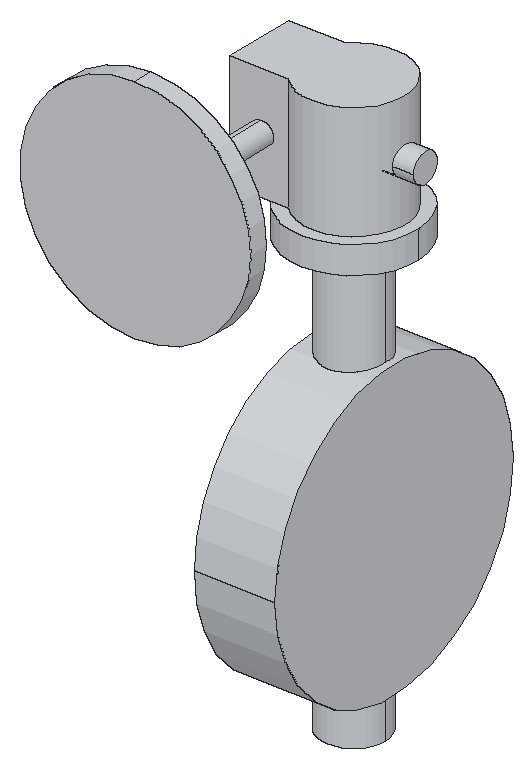
Revit family "HS497-67_disk-litina-převodové kolo DN150-RFA_2018", category Pipe Accessories, Revit 2018
Family settings
  Round Connector Dimension = Use Diameter
  Part Type = Valve - Breaks Into
  Work Plane-Based = No
  Always vertical = Yes
  Cut with Voids When Loaded = No
  Shared = No
Parameters (values of type "HS 497-67_DN150_PN16_převodové kolo")
  magiProductId = "d94a1a0cf83b476eb10011b327f709"
  magiProductFamilyId = "53cea81e6f374d17b8841d9c72ad77"
  magiPartTypeId = 305
  isMeasuringValve [instance] = no
  ang2D [instance] = 0.00°
  X11 = 61.456 mm
  X1 = 25.456 mm
  W2D = 1000 mm
  VersionID = "2.0/2017.9.26.1/ZETKAMA_497_001"
  Use Minimum Symbol Size [instance] = yes
  URL = "http://www.hydronic.cz"
  Type Comments = "mezipřírubová; litinový disk; PN16; -10~+110°C (krátkodobě +120°C)"
  SW30 = yes
  SW3 = yes
  SW21 = no
  SW20 = no
  SW2 = no
  SW1 = no
  R = 75 mm
  QmdConnectorList = "301;D;302;D"
  Productdata [instance] = ""
  NC = 50 mm
  Model = ""
  Manufacturer = "Hydronic Systems Prague s.r.o."
  MM20 = 25.456 mm
  MC Product Code = "125 150 (litinový disk, s převodovým kolem; DN150; PN16, kvs1347)"
  M41 = 65.25 mm
  M4 = 43.5 mm
  LHL = 220 mm
  LHH3 = 2.45 mm
  LHH1 = 46.55 mm
  LH1 = 73.333 mm
  L4R__ve = -L4R  # -13.5 mm
  L4R = 13.5 mm
  L42__ve = -L42  # -101.25 mm
  L42 = 101.25 mm
  L41__ve = -L41  # -20.25 mm
  L41 = 20.25 mm
  L2D_Min = 3048 mm
  L2D = 216 mm
  L2 = 28 mm
  L1 = 44.8 mm
  L = 56 mm
  H = 33 mm
  G22 = 11.25 mm
  G2 = 22.5 mm
  G1 = 90 mm
  G = 90 mm
  F = 14 mm
  E44 = 40 mm
  E42 = 80 mm
  E4 = 160 mm
  E23 = 4.9 mm
  E22 = 19.6 mm
  E21 = 9.8 mm
  Description = "Mezipřírubová uzavírací klapka s převodovým kolem; litinový disk, DN150; PN16; kvs1347"
  DR2 = 75 mm
  DR = 206 mm
  DD1 = 20 mm
  DD = 16 mm
  D = 150 mm
  CAT0 = yes
  B2__ve = -B2  # -58 mm
  B2 = 58 mm
  A2 = 19.3 mm
  A1 = 98.7 mm
Types (43, lengths in mm): name | magiProductId | X11 | X1 | Type Comments | SW30 | SW3 | SW20 | SW2 | SW1 | R | NC | MM20 | MC Product Code | M41 | M4 | LHL | LHH3 | LHH1 | LH1 | L4R__ve | L4R | L42__ve | L42 | L41__ve | L41 | L2 | L1 | L | H | G | F | E44 | E42 | E4 | E23 | E22 | E21 | Description | DR2 | DR | DD1 | DD | D | B2__ve | B2 | A2 | A1
  HS 497-67_DN100_PN16_volné vřeteno | "65d1b245f4f142c78569c0602d5754" | 61.456 | 25.456 | "mezipřírubová; litinový disk; PN16; -10~+110°C (krátkodobě +120°C)" | no | no | no | no | yes | 50 | 50 | 25.456 | "123 100 (litinový disk, s volným vřetenem; DN100; PN16, kvs512)" | 66 | 44 | 220 | 2.45 | 46.55 | 73.333 | -12.8 | 12.8 | -96 | 96 | -19.2 | 19.2 | 26 | 41.6 | 52 | 30 | 90 | 11 | 31.25 | 62.5 | 125 | 4.9 | 19.6 | 9.8 | "Mezipřírubová uzavírací klapka s volným vřetenem; litinový disk, DN100; PN16; kvs512" | 50 | 147 | 15.625 | 12.5 | 100 | -56 | 56 | 16.5 | 98.5
  HS 497-67_DN100_PN16_převodové kolo | "11e91b807e674d428c8e796fcdcfe2" | 61.456 | 25.456 | "mezipřírubová; litinový disk; PN16; -10~+110°C (krátkodobě +120°C)" | yes | yes | no | no | no | 50 | 50 | 25.456 | "125 100 (litinový disk, s převodovým kolem; DN100; PN16, kvs512)" | 65.25 | 43.5 | 220 | 2.45 | 46.55 | 73.333 | -12.8 | 12.8 | -96 | 96 | -19.2 | 19.2 | 26 | 41.6 | 52 | 30 | 90 | 11 | 31.25 | 62.5 | 125 | 4.9 | 19.6 | 9.8 | "Mezipřírubová uzavírací klapka s převodovým kolem; litinový disk, DN100; PN16; kvs512" | 50 | 147 | 15.625 | 12.5 | 100 | -56 | 56 | 16.5 | 98.5
  HS 497-67_DN100_PN16_s pákou | "28172f0b3f4b47b28323ac71cf8749" | 61.456 | 25.456 | "mezipřírubová; litinový disk; PN16; -10~+110°C (krátkodobě +120°C)" | no | no | yes | yes | no | 50 | 50 | 25.456 | "120 100 (litinový disk, s pákou; DN100; PN16, kvs512)" | 66 | 44 | 260 | 3 | 57 | 86.667 | -12.8 | 12.8 | -96 | 96 | -19.2 | 19.2 | 26 | 41.6 | 52 | 30 | 90 | 11 | 31.25 | 62.5 | 125 | 6 | 24 | 12 | "Mezipřírubová uzavírací klapka s pákou; litinový disk, DN100; PN16; kvs512" | 50 | 147 | 15.625 | 12.5 | 100 | -56 | 56 | 16.5 | 98.5
  HS 497-67_DN125_PN16_volné vřeteno | "0d813d910fc14f628bb3c2efbd185c" | 61.456 | 25.456 | "mezipřírubová; litinový disk; PN16; -10~+110°C (krátkodobě +120°C)" | no | no | no | no | yes | 62.5 | 50 | 25.456 | "123 125 (litinový disk, s volným vřetenem; DN125; PN16, kvs872)" | 66 | 44 | 220 | 2.45 | 46.55 | 73.333 | -12.8 | 12.8 | -96 | 96 | -19.2 | 19.2 | 28 | 44.8 | 56 | 33 | 90 | 14 | 31.25 | 62.5 | 125 | 4.9 | 19.6 | 9.8 | "Mezipřírubová uzavírací klapka s volným vřetenem; litinový disk, DN125; PN16; kvs872" | 62.5 | 180 | 15.625 | 12.5 | 125 | -64 | 64 | 18 | 99.5
  HS 497-67_DN125_PN16_převodové kolo | "c56b7c13f372467684996fb1e0e229" | 61.456 | 25.456 | "mezipřírubová; litinový disk; PN16; -10~+110°C (krátkodobě +120°C)" | yes | yes | no | no | no | 62.5 | 50 | 25.456 | "125 125 (litinový disk, s převodovým kolem; DN125; PN16, kvs872)" | 65.25 | 43.5 | 220 | 2.45 | 46.55 | 73.333 | -13.5 | 13.5 | -101.25 | 101.25 | -20.25 | 20.25 | 28 | 44.8 | 56 | 33 | 90 | 14 | 40 | 80 | 160 | 4.9 | 19.6 | 9.8 | "Mezipřírubová uzavírací klapka s převodovým kolem; litinový disk, DN125; PN16; kvs872" | 62.5 | 180 | 20 | 16 | 125 | -64 | 64 | 18 | 99.5
  HS 497-67_DN125_PN16_s pákou | "105993c79a91492399feef7931321a" | 61.456 | 25.456 | "mezipřírubová; litinový disk; PN16; -10~+110°C (krátkodobě +120°C)" | no | no | yes | yes | no | 62.5 | 50 | 25.456 | "120 125 (litinový disk, s pákou; DN125; PN16, kvs872)" | 66 | 44 | 315 | 3.75 | 71.25 | 105 | -12.8 | 12.8 | -96 | 96 | -19.2 | 19.2 | 28 | 44.8 | 56 | 33 | 90 | 14 | 31.25 | 62.5 | 125 | 7.5 | 30 | 15 | "Mezipřírubová uzavírací klapka s pákou; litinový disk, DN125; PN16; kvs872" | 62.5 | 180 | 15.625 | 12.5 | 125 | -64 | 64 | 18 | 99.5
  HS 497-67_DN150_PN16_volné vřeteno | "50c80cb8ab434f55ab7796e5ac1331" | 61.456 | 25.456 | "mezipřírubová; litinový disk; PN16; -10~+110°C (krátkodobě +120°C)" | no | no | no | no | yes | 75 | 50 | 25.456 | "123 150 (litinový disk, s volným vřetenem; DN150; PN16, kvs1347)" | 66 | 44 | 220 | 2.45 | 46.55 | 73.333 | -12.8 | 12.8 | -96 | 96 | -19.2 | 19.2 | 28 | 44.8 | 56 | 33 | 90 | 14 | 31.25 | 62.5 | 125 | 4.9 | 19.6 | 9.8 | "Mezipřírubová uzavírací klapka s volným vřetenem; litinový disk, DN150; PN16; kvs1347" | 75 | 206 | 15.625 | 12.5 | 150 | -58 | 58 | 19.3 | 98.7
  HS 497-67_DN150_PN16_převodové kolo | "d94a1a0cf83b476eb10011b327f709" | 61.456 | 25.456 | "mezipřírubová; litinový disk; PN16; -10~+110°C (krátkodobě +120°C)" | yes | yes | no | no | no | 75 | 50 | 25.456 | "125 150 (litinový disk, s převodovým kolem; DN150; PN16, kvs1347)" | 65.25 | 43.5 | 220 | 2.45 | 46.55 | 73.333 | -13.5 | 13.5 | -101.25 | 101.25 | -20.25 | 20.25 | 28 | 44.8 | 56 | 33 | 90 | 14 | 40 | 80 | 160 | 4.9 | 19.6 | 9.8 | "Mezipřírubová uzavírací klapka s převodovým kolem; litinový disk, DN150; PN16; kvs1347" | 75 | 206 | 20 | 16 | 150 | -58 | 58 | 19.3 | 98.7
  HS 497-67_DN150_PN16_s pákou | "4d2835523fe84828bc50ff0a5a0dfb" | 61.456 | 25.456 | "mezipřírubová; litinový disk; PN16; -10~+110°C (krátkodobě +120°C)" | no | no | yes | yes | no | 75 | 50 | 25.456 | "120 150 (litinový disk, s pákou; DN150; PN16, kvs1347)" | 66 | 44 | 315 | 3.75 | 71.25 | 105 | -12.8 | 12.8 | -96 | 96 | -19.2 | 19.2 | 28 | 44.8 | 56 | 33 | 90 | 14 | 31.25 | 62.5 | 125 | 7.5 | 30 | 15 | "Mezipřírubová uzavírací klapka s pákou; litinový disk, DN150; PN16; kvs1347" | 75 | 206 | 15.625 | 12.5 | 150 | -58 | 58 | 19.3 | 98.7
  HS 497-67_DN200_PN16_volné vřeteno | "5b29029eaeba47139ee1055a4b9201" | 61.456 | 25.456 | "mezipřírubová; litinový disk; PN16; -10~+110°C (krátkodobě +120°C)" | no | no | no | no | yes | 100 | 50 | 25.456 | "123 200 (litinový disk, s volným vřetenem; DN200; PN16, kvs2675)" | 66 | 44 | 220 | 2.45 | 46.55 | 73.333 | -12.8 | 12.8 | -96 | 96 | -19.2 | 19.2 | 30 | 48 | 60 | 33 | 90 | 17 | 31.25 | 62.5 | 125 | 4.9 | 19.6 | 9.8 | "Mezipřírubová uzavírací klapka s volným vřetenem; litinový disk, DN200; PN16; kvs2675" | 100 | 257 | 15.625 | 12.5 | 200 | -70 | 70 | 22.5 | 102.5
  HS 497-67_DN200_PN16_převodové kolo | "b2793cc1fcc44cf2a35062cd67c04f" | 61.456 | 25.456 | "mezipřírubová; litinový disk; PN16; -10~+110°C (krátkodobě +120°C)" | yes | yes | no | no | no | 100 | 57 | 25.456 | "125 200 (litinový disk, s převodovým kolem; DN200; PN16, kvs2675)" | 78.75 | 52.5 | 220 | 2.45 | 46.55 | 73.333 | -15.2 | 15.2 | -114 | 114 | -22.8 | 22.8 | 30 | 48 | 60 | 33 | 90 | 17 | 50 | 100 | 200 | 4.9 | 19.6 | 9.8 | "Mezipřírubová uzavírací klapka s převodovým kolem; litinový disk, DN200; PN16; kvs2675" | 100 | 257 | 25 | 20 | 200 | -70 | 70 | 22.5 | 102.5
  HS 497-67_DN200_PN16_s pákou | "f88d96c7af224537a51e72d7d8fffe" | 61.456 | 25.456 | "mezipřírubová; litinový disk; PN16; -10~+110°C (krátkodobě +120°C)" | no | no | yes | yes | no | 100 | 50 | 25.456 | "120 200 (litinový disk, s pákou; DN200; PN16, kvs2675)" | 66 | 44 | 315 | 3.75 | 71.25 | 105 | -12.8 | 12.8 | -96 | 96 | -19.2 | 19.2 | 30 | 48 | 60 | 33 | 90 | 17 | 31.25 | 62.5 | 125 | 7.5 | 30 | 15 | "Mezipřírubová uzavírací klapka s pákou; litinový disk, DN200; PN16; kvs2675" | 100 | 257 | 15.625 | 12.5 | 200 | -70 | 70 | 22.5 | 102.5
  HS 497-67_DN250_PN16_volné vřeteno | "b662e8305ca2402b9c510e66e6aa55" | 88.77 | 36.77 | "mezipřírubová; litinový disk; PN16; -10~+110°C (krátkodobě +120°C)" | no | no | no | no | yes | 125 | 50 | 36.77 | "123 250 (litinový disk, s volným vřetenem; DN250; PN16, kvs4555)" | 66 | 44 | 220 | 2.45 | 46.55 | 73.333 | -12.8 | 12.8 | -96 | 96 | -19.2 | 19.2 | 34 | 54.4 | 68 | 23 | 130 | 22 | 31.25 | 62.5 | 125 | 4.9 | 19.6 | 9.8 | "Mezipřírubová uzavírací klapka s volným vřetenem; litinový disk, DN250; PN16; kvs4555" | 125 | 324 | 15.625 | 12.5 | 250 | -85 | 85 | 28.25 | 129.25
  HS 497-67_DN250_PN16_převodové kolo | "5ee9016806664ddfaa2632711f295c" | 88.77 | 36.77 | "mezipřírubová; litinový disk; PN16; -10~+110°C (krátkodobě +120°C)" | yes | yes | no | no | no | 125 | 70 | 36.77 | "125 250 (litinový disk, s převodovým kolem; DN250; PN16, kvs4555)" | 91.5 | 61 | 220 | 2.45 | 46.55 | 73.333 | -22.2 | 22.2 | -166.5 | 166.5 | -33.3 | 33.3 | 34 | 54.4 | 68 | 23 | 130 | 22 | 62.5 | 125 | 250 | 4.9 | 19.6 | 9.8 | "Mezipřírubová uzavírací klapka s převodovým kolem; litinový disk, DN250; PN16; kvs4555" | 125 | 324 | 31.25 | 25 | 250 | -85 | 85 | 28.25 | 129.25
  HS 497-67_DN300_PN16_volné vřeteno | "e1886f51ff004380a649519258edf2" | 88.77 | 36.77 | "mezipřírubová; litinový disk; PN16; -10~+110°C (krátkodobě +120°C)" | no | no | no | no | yes | 150 | 50 | 36.77 | "123 300 (litinový disk, s volným vřetenem; DN300; PN16, kvs7037)" | 66 | 44 | 220 | 2.45 | 46.55 | 73.333 | -12.8 | 12.8 | -96 | 96 | -19.2 | 19.2 | 39 | 62.4 | 78 | 23 | 130 | 22 | 31.25 | 62.5 | 125 | 4.9 | 19.6 | 9.8 | "Mezipřírubová uzavírací klapka s volným vřetenem; litinový disk, DN300; PN16; kvs7037" | 150 | 376 | 15.625 | 12.5 | 300 | -90 | 90 | 30.8 | 127.2
  HS 497-67_DN300_PN16_převodové kolo | "6860f094f77d42088fbebc3c97f755" | 88.77 | 36.77 | "mezipřírubová; litinový disk; PN16; -10~+110°C (krátkodobě +120°C)" | yes | yes | no | no | no | 150 | 70 | 36.77 | "125 300 (litinový disk, s převodovým kolem; DN300; PN16, kvs7037)" | 91.5 | 61 | 220 | 2.45 | 46.55 | 73.333 | -22.2 | 22.2 | -166.5 | 166.5 | -33.3 | 33.3 | 39 | 62.4 | 78 | 23 | 130 | 22 | 62.5 | 125 | 250 | 4.9 | 19.6 | 9.8 | "Mezipřírubová uzavírací klapka s převodovým kolem; litinový disk, DN300; PN16; kvs7037" | 150 | 376 | 31.25 | 25 | 300 | -90 | 90 | 30.8 | 127.2
  HS 497-67_DN032_PN16_volné vřeteno | "8c5f65de52aa4067a77564107e31b2" | 61.456 | 25.456 | "mezipřírubová; litinový disk; PN16; -10~+110°C (krátkodobě +120°C)" | no | no | no | no | yes | 16 | 50 | 25.456 | "123 032 (litinový disk, s volným vřetenem; DN32; PN16, kvs78)" | 66 | 44 | 220 | 2.45 | 46.55 | 73.333 | -12.8 | 12.8 | -96 | 96 | -19.2 | 19.2 | 16.5 | 26.4 | 33 | 30 | 90 | 11 | 31.25 | 62.5 | 125 | 4.9 | 19.6 | 9.8 | "Mezipřírubová uzavírací klapka s volným vřetenem; litinový disk, DN32; PN16; kvs78" | 16 | 68 | 15.625 | 12.5 | 32 | -44.2 | 44.2 | 10.25 | 76.25
  HS 497-67_DN032_PN16_převodové kolo | "60aaeffa8b3a4e809ef000e4660060" | 61.456 | 25.456 | "mezipřírubová; litinový disk; PN16; -10~+110°C (krátkodobě +120°C)" | yes | yes | no | no | no | 16 | 50 | 25.456 | "125 032 (litinový disk, s převodovým kolem; DN32; PN16, kvs78)" | 65.25 | 43.5 | 220 | 2.45 | 46.55 | 73.333 | -12.8 | 12.8 | -96 | 96 | -19.2 | 19.2 | 16.5 | 26.4 | 33 | 30 | 90 | 11 | 31.25 | 62.5 | 125 | 4.9 | 19.6 | 9.8 | "Mezipřírubová uzavírací klapka s převodovým kolem; litinový disk, DN32; PN16; kvs78" | 16 | 68 | 15.625 | 12.5 | 32 | -44.2 | 44.2 | 10.25 | 76.25
  HS 497-67_DN032_PN16_s pákou | "9ad8088d610749a1b871aa2aad8007" | 61.456 | 25.456 | "mezipřírubová; litinový disk; PN16; -10~+110°C (krátkodobě +120°C)" | no | no | yes | yes | no | 16 | 50 | 25.456 | "120 032 (litinový disk, s pákou; DN32; PN16, kvs78)" | 66 | 44 | 220 | 2.45 | 46.55 | 73.333 | -12.8 | 12.8 | -96 | 96 | -19.2 | 19.2 | 16.5 | 26.4 | 33 | 30 | 90 | 11 | 31.25 | 62.5 | 125 | 4.9 | 19.6 | 9.8 | "Mezipřírubová uzavírací klapka s pákou; litinový disk, DN32; PN16; kvs78" | 16 | 68 | 15.625 | 12.5 | 32 | -44.2 | 44.2 | 10.25 | 76.25
  HS 497-67_DN350_PN10_volné vřeteno | "72a1e05f22944421b7e9596a877137" | 109.255 | 45.255 | "mezipřírubová; litinový disk; PN10; -10~+110°C (krátkodobě +120°C)" | no | no | no | no | yes | 175 | 50 | 45.255 | "123 350 (litinový disk, s volným vřetenem; DN350; PN10, kvs10165)" | 66 | 44 | 220 | 2.45 | 46.55 | 73.333 | -12.8 | 12.8 | -96 | 96 | -19.2 | 19.2 | 39 | 62.4 | 78 | 31 | 160 | 22 | 31.25 | 62.5 | 125 | 4.9 | 19.6 | 9.8 | "Mezipřírubová uzavírací klapka s volným vřetenem; litinový disk, DN350; PN10; kvs10165" | 175 | 430 | 15.625 | 12.5 | 350 | -88 | 88 | 33.85 | 129.65
  HS 497-67_DN350_PN10_převodové kolo | "a5a01426cb28494ba3afca92f1dace" | 109.255 | 45.255 | "mezipřírubová; litinový disk; PN10; -10~+110°C (krátkodobě +120°C)" | yes | yes | no | no | no | 175 | 70 | 45.255 | "125 350 (litinový disk, s převodovým kolem; DN350; PN10, kvs10165)" | 91.5 | 61 | 220 | 2.45 | 46.55 | 73.333 | -22.2 | 22.2 | -166.5 | 166.5 | -33.3 | 33.3 | 39 | 62.4 | 78 | 31 | 160 | 22 | 62.5 | 125 | 250 | 4.9 | 19.6 | 9.8 | "Mezipřírubová uzavírací klapka s převodovým kolem; litinový disk, DN350; PN10; kvs10165" | 175 | 430 | 31.25 | 25 | 350 | -88 | 88 | 33.85 | 129.65
  HS 497-67_DN400_PN10_volné vřeteno | "c70ebeb927c04ab99b176e257ad0a7" | 109.255 | 45.255 | "mezipřírubová; litinový disk; PN10; -10~+110°C (krátkodobě +120°C)" | no | no | no | no | yes | 200 | 50 | 45.255 | "123 400 (litinový disk, s volným vřetenem; DN400; PN10, kvs13799)" | 66 | 44 | 220 | 2.45 | 46.55 | 73.333 | -12.8 | 12.8 | -96 | 96 | -19.2 | 19.2 | 51 | 81.6 | 102 | 31 | 160 | 27 | 31.25 | 62.5 | 125 | 4.9 | 19.6 | 9.8 | "Mezipřírubová uzavírací klapka s volným vřetenem; litinový disk, DN400; PN10; kvs13799" | 200 | 485 | 15.625 | 12.5 | 400 | -108 | 108 | 38 | 142
  HS 497-67_DN400_PN10_převodové kolo | "cc64a4384dcb41b780d81810f4f293" | 109.255 | 45.255 | "mezipřírubová; litinový disk; PN10; -10~+110°C (krátkodobě +120°C)" | yes | yes | no | no | no | 200 | 72.5 | 45.255 | "125 400 (litinový disk, s převodovým kolem; DN400; PN10, kvs13799)" | 103.5 | 69 | 220 | 2.45 | 46.55 | 73.333 | -27.8 | 27.8 | -208.5 | 208.5 | -41.7 | 41.7 | 51 | 81.6 | 102 | 31 | 160 | 27 | 75 | 150 | 300 | 4.9 | 19.6 | 9.8 | "Mezipřírubová uzavírací klapka s převodovým kolem; litinový disk, DN400; PN10; kvs13799" | 200 | 485 | 37.5 | 30 | 400 | -108 | 108 | 38 | 142
  HS 497-67_DN040_PN16_volné vřeteno | "35f92312390745e88df5b5c325d9ee" | 61.456 | 25.456 | "mezipřírubová; litinový disk; PN16; -10~+110°C (krátkodobě +120°C)" | no | no | no | no | yes | 20 | 50 | 25.456 | "123 040 (litinový disk, s volným vřetenem; DN40; PN16, kvs78)" | 66 | 44 | 220 | 2.45 | 46.55 | 73.333 | -12.8 | 12.8 | -96 | 96 | -19.2 | 19.2 | 16.5 | 26.4 | 33 | 30 | 90 | 11 | 31.25 | 62.5 | 125 | 4.9 | 19.6 | 9.8 | "Mezipřírubová uzavírací klapka s volným vřetenem; litinový disk, DN40; PN16; kvs78" | 20 | 76 | 15.625 | 12.5 | 40 | -36 | 36 | 11 | 79
  HS 497-67_DN040_PN16_převodové kolo | "d88e968eae3445bc9b7b4e6ff35127" | 61.456 | 25.456 | "mezipřírubová; litinový disk; PN16; -10~+110°C (krátkodobě +120°C)" | yes | yes | no | no | no | 20 | 50 | 25.456 | "125 040 (litinový disk, s převodovým kolem; DN40; PN16, kvs78)" | 65.25 | 43.5 | 220 | 2.45 | 46.55 | 73.333 | -12.8 | 12.8 | -96 | 96 | -19.2 | 19.2 | 16.5 | 26.4 | 33 | 30 | 90 | 11 | 31.25 | 62.5 | 125 | 4.9 | 19.6 | 9.8 | "Mezipřírubová uzavírací klapka s převodovým kolem; litinový disk, DN40; PN16; kvs78" | 20 | 76 | 15.625 | 12.5 | 40 | -36 | 36 | 11 | 79
  HS 497-67_DN040_PN16_s pákou | "c1b522ca65b4407a98818f232eaacb" | 61.456 | 25.456 | "mezipřírubová; litinový disk; PN16; -10~+110°C (krátkodobě +120°C)" | no | no | yes | yes | no | 20 | 50 | 25.456 | "120 040 (litinový disk, s pákou; DN40; PN16, kvs78)" | 66 | 44 | 220 | 2.45 | 46.55 | 73.333 | -12.8 | 12.8 | -96 | 96 | -19.2 | 19.2 | 16.5 | 26.4 | 33 | 30 | 90 | 11 | 31.25 | 62.5 | 125 | 4.9 | 19.6 | 9.8 | "Mezipřírubová uzavírací klapka s pákou; litinový disk, DN40; PN16; kvs78" | 20 | 76 | 15.625 | 12.5 | 40 | -36 | 36 | 11 | 79
  HS 497-67_DN450_PN10_volné vřeteno | "a8358bc282f14872b3194e530e590a" | 129.74 | 53.74 | "mezipřírubová; litinový disk; PN10; -10~+110°C (krátkodobě +120°C)" | no | no | no | no | yes | 225 | 50 | 53.74 | "123 450 (litinový disk, s volným vřetenem; DN450; PN10, kvs18514)" | 66 | 44 | 220 | 2.45 | 46.55 | 73.333 | -12.8 | 12.8 | -96 | 96 | -19.2 | 19.2 | 57 | 91.2 | 114 | 38 | 190 | 36 | 31.25 | 62.5 | 125 | 4.9 | 19.6 | 9.8 | "Mezipřírubová uzavírací klapka s volným vřetenem; litinový disk, DN450; PN10; kvs18514" | 225 | 536 | 15.625 | 12.5 | 450 | -115 | 115 | 38.05 | 117.45
  HS 497-67_DN450_PN10_převodové kolo | "cdf2d80f54a9414f9cbe50647c0ebd" | 129.74 | 53.74 | "mezipřírubová; litinový disk; PN10; -10~+110°C (krátkodobě +120°C)" | yes | yes | no | no | no | 225 | 91.5 | 53.74 | "125 450 (litinový disk, s převodovým kolem; DN450; PN10, kvs18514)" | 144.75 | 96.5 | 220 | 2.45 | 46.55 | 73.333 | -32.1 | 32.1 | -240.75 | 240.75 | -48.15 | 48.15 | 57 | 91.2 | 114 | 38 | 190 | 36 | 100 | 200 | 400 | 4.9 | 19.6 | 9.8 | "Mezipřírubová uzavírací klapka s převodovým kolem; litinový disk, DN450; PN10; kvs18514" | 225 | 536 | 50 | 40 | 450 | -115 | 115 | 38.05 | 117.45
  HS 497-67_DN500_PN10_volné vřeteno | "8c396e27bb2743f98f3c762b6517cd" | 143.397 | 59.397 | "mezipřírubová; litinový disk; PN10; -10~+110°C (krátkodobě +120°C)" | no | no | no | no | yes | 250 | 50 | 59.397 | "123 500 (litinový disk, s volným vřetenem; DN500; PN10, kvs23805)" | 66 | 44 | 220 | 2.45 | 46.55 | 73.333 | -12.8 | 12.8 | -96 | 96 | -19.2 | 19.2 | 63.5 | 101.6 | 127 | 38 | 210 | 36 | 31.25 | 62.5 | 125 | 4.9 | 19.6 | 9.8 | "Mezipřírubová uzavírací klapka s volným vřetenem; litinový disk, DN500; PN10; kvs23805" | 250 | 593 | 15.625 | 12.5 | 500 | -130 | 130 | 43.25 | 139.25
  HS 497-67_DN500_PN10_převodové kolo | "7647804f32e94cef828a7034a91a46" | 143.397 | 59.397 | "mezipřírubová; litinový disk; PN10; -10~+110°C (krátkodobě +120°C)" | yes | yes | no | no | no | 250 | 91.5 | 59.397 | "125 500 (litinový disk, s převodovým kolem; DN500; PN10, kvs23805)" | 144.75 | 96.5 | 220 | 2.45 | 46.55 | 73.333 | -32.1 | 32.1 | -240.75 | 240.75 | -48.15 | 48.15 | 63.5 | 101.6 | 127 | 38 | 210 | 36 | 100 | 200 | 400 | 4.9 | 19.6 | 9.8 | "Mezipřírubová uzavírací klapka s převodovým kolem; litinový disk, DN500; PN10; kvs23805" | 250 | 593 | 50 | 40 | 500 | -130 | 130 | 43.25 | 139.25
  HS 497-67_DN050_volné vřeteno | "d71f296ecd6d4adf8f6e5d9853b4e0" | 61.456 | 25.456 | "mezipřírubová; litinový disk; PN16; -10~+110°C (krátkodobě +120°C)" | no | no | no | no | yes | 25 | 50 | 25.456 | "123 050 (litinový disk, s volným vřetenem; DN50; PN16, kvs98)" | 66 | 44 | 220 | 2.45 | 46.55 | 73.333 | -12.8 | 12.8 | -96 | 96 | -19.2 | 19.2 | 21.5 | 34.4 | 43 | 30 | 90 | 11 | 31.25 | 62.5 | 125 | 4.9 | 19.6 | 9.8 | "Mezipřírubová uzavírací klapka s volným vřetenem; litinový disk, DN50; PN16; kvs98" | 25 | 100 | 15.625 | 12.5 | 50 | -36.5 | 36.5 | 12 | 83
  HS 497-67_DN050_PN16_převodové kolo | "2fb080deeaed49c58418b94c1da5a4" | 61.456 | 25.456 | "mezipřírubová; litinový disk; PN16; -10~+110°C (krátkodobě +120°C)" | yes | yes | no | no | no | 25 | 50 | 25.456 | "125 050 (litinový disk, s převodovým kolem; DN50; PN16, kvs98)" | 65.25 | 43.5 | 220 | 2.45 | 46.55 | 73.333 | -12.8 | 12.8 | -96 | 96 | -19.2 | 19.2 | 21.5 | 34.4 | 43 | 30 | 90 | 11 | 31.25 | 62.5 | 125 | 4.9 | 19.6 | 9.8 | "Mezipřírubová uzavírací klapka s převodovým kolem; litinový disk, DN50; PN16; kvs98" | 25 | 100 | 15.625 | 12.5 | 50 | -36.5 | 36.5 | 12 | 83
  HS 497-67_DN050_PN16_s pákou | "dabc632061f94877a994b9b4e68112" | 61.456 | 25.456 | "mezipřírubová; litinový disk; PN16; -10~+110°C (krátkodobě +120°C)" | no | no | yes | yes | no | 25 | 50 | 25.456 | "120 050 (litinový disk, s pákou; DN50; PN16, kvs98)" | 66 | 44 | 220 | 2.45 | 46.55 | 73.333 | -12.8 | 12.8 | -96 | 96 | -19.2 | 19.2 | 21.5 | 34.4 | 43 | 30 | 90 | 11 | 31.25 | 62.5 | 125 | 4.9 | 19.6 | 9.8 | "Mezipřírubová uzavírací klapka s pákou; litinový disk, DN50; PN16; kvs98" | 25 | 100 | 15.625 | 12.5 | 50 | -36.5 | 36.5 | 12 | 83
  HS 497-67_DN600_PN10_volné vřeteno | "99d5892c14664fce81a7c5903f7711" | 143.397 | 59.397 | "mezipřírubová; litinový disk; PN10; -10~+110°C (krátkodobě +120°C)" | no | no | no | no | yes | 300 | 50 | 59.397 | "123 600 (litinový disk, s volným vřetenem; DN600; PN10, kvs36778)" | 66 | 44 | 220 | 2.45 | 46.55 | 73.333 | -12.8 | 12.8 | -96 | 96 | -19.2 | 19.2 | 77 | 123.2 | 154 | 80 | 210 | 60 | 31.25 | 62.5 | 125 | 4.9 | 19.6 | 9.8 | "Mezipřírubová uzavírací klapka s volným vřetenem; litinový disk, DN600; PN10; kvs36788" | 300 | 690 | 15.625 | 12.5 | 600 | -140 | 140 | 49.4 | 144.6
  HS 497-67_DN600_PN10_převodové kolo | "b1e26faab48a4c499f6bb11e7e3002" | 143.397 | 59.397 | "mezipřírubová; litinový disk; PN10; -10~+110°C (krátkodobě +120°C)" | yes | yes | no | no | no | 300 | 140 | 59.397 | "125 600 (litinový disk, s převodovým kolem; DN600; PN10, kvs36778)" | 206.25 | 137.5 | 220 | 2.45 | 46.55 | 73.333 | -40.8 | 40.8 | -306 | 306 | -61.2 | 61.2 | 77 | 123.2 | 154 | 80 | 210 | 60 | 125 | 250 | 500 | 4.9 | 19.6 | 9.8 | "Mezipřírubová uzavírací klapka s převodovým kolem; litinový disk, DN600; PN10; kvs36788" | 300 | 690 | 62.5 | 50 | 600 | -140 | 140 | 49.4 | 144.6
  HS 497-67_DN065_PN16_volné vřeteno | "5e5e208646e34ec29f889baab5d08e" | 61.456 | 25.456 | "mezipřírubová; litinový disk; PN16; -10~+110°C (krátkodobě +120°C)" | no | no | no | no | yes | 32.5 | 50 | 25.456 | "123 065 (litinový disk, s volným vřetenem; DN65; PN16, kvs167)" | 66 | 44 | 220 | 2.45 | 46.55 | 73.333 | -12.8 | 12.8 | -96 | 96 | -19.2 | 19.2 | 23 | 36.8 | 46 | 30 | 90 | 11 | 31.25 | 62.5 | 125 | 4.9 | 19.6 | 9.8 | "Mezipřírubová uzavírací klapka s volným vřetenem; litinový disk, DN65; PN16; kv167" | 32.5 | 108 | 15.625 | 12.5 | 65 | -36.5 | 36.5 | 13.5 | 89
  HS 497-67_DN065_PN16_převodové kolo | "654d74c8d15540b0bfe523d988ccb3" | 61.456 | 25.456 | "mezipřírubová; litinový disk; PN16; -10~+110°C (krátkodobě +120°C)" | yes | yes | no | no | no | 32.5 | 50 | 25.456 | "125 065 (litinový disk, s převodovým kolem; DN65; PN16, kvs167)" | 65.25 | 43.5 | 220 | 2.45 | 46.55 | 73.333 | -12.8 | 12.8 | -96 | 96 | -19.2 | 19.2 | 23 | 36.8 | 46 | 30 | 90 | 11 | 31.25 | 62.5 | 125 | 4.9 | 19.6 | 9.8 | "Mezipřírubová uzavírací klapka s převodovým kolem; litinový disk, DN65; PN16; kvs167" | 32.5 | 108 | 15.625 | 12.5 | 65 | -36.5 | 36.5 | 13.5 | 89
  HS 497-67_DN065_PN16_s pákou | "ebeb4b59db0641caaf6d6635ab37b9" | 61.456 | 25.456 | "mezipřírubová; litinový disk; PN16; -10~+110°C (krátkodobě +120°C)" | no | no | yes | yes | no | 32.5 | 50 | 25.456 | "120 065 (litinový disk, s pákou; DN65; PN16, kvs167)" | 66 | 44 | 220 | 2.45 | 46.55 | 73.333 | -12.8 | 12.8 | -96 | 96 | -19.2 | 19.2 | 23 | 36.8 | 46 | 30 | 90 | 11 | 31.25 | 62.5 | 125 | 4.9 | 19.6 | 9.8 | "Mezipřírubová uzavírací klapka s pákou; litinový disk, DN65; PN16; kvs167" | 32.5 | 108 | 15.625 | 12.5 | 65 | -36.5 | 36.5 | 13.5 | 89
  HS 497-67_DN080_PN16_volné vřeteno | "9e85c75c18654e1185a9c48ed6b00e" | 61.456 | 25.456 | "mezipřírubová; litinový disk; PN16; -10~+110°C (krátkodobě +120°C)" | no | no | no | no | yes | 40 | 50 | 25.456 | "123 080 (litinový disk, s volným vřetenem; DN80; PN16, kvs258)" | 66 | 44 | 220 | 2.45 | 46.55 | 73.333 | -12.8 | 12.8 | -96 | 96 | -19.2 | 19.2 | 23 | 36.8 | 46 | 30 | 90 | 11 | 31.25 | 62.5 | 125 | 4.9 | 19.6 | 9.8 | "Mezipřírubová uzavírací klapka s volným vřetenem; litinový disk, DN80; PN16; kvs258" | 40 | 124 | 15.625 | 12.5 | 80 | -54 | 54 | 14.1 | 86.9
  HS 497-67_DN080_PN16_převodové kolo | "5b3c8238c3d041e68c75b199e7ea46" | 61.456 | 25.456 | "mezipřírubová; litinový disk; PN16; -10~+110°C (krátkodobě +120°C)" | yes | yes | no | no | no | 40 | 50 | 25.456 | "125 080 (litinový disk, s převodovým kolem; DN80; PN16, kvs258)" | 65.25 | 43.5 | 220 | 2.45 | 46.55 | 73.333 | -12.8 | 12.8 | -96 | 96 | -19.2 | 19.2 | 23 | 36.8 | 46 | 30 | 90 | 11 | 31.25 | 62.5 | 125 | 4.9 | 19.6 | 9.8 | "Mezipřírubová uzavírací klapka s převodovým kolem; litinový disk, DN80; PN16; kvs258" | 40 | 124 | 15.625 | 12.5 | 80 | -54 | 54 | 14.1 | 86.9
  HS 497-67_DN080_PN16_s pákou | "e414795fab0f4eccb99bc3572c5477" | 61.456 | 25.456 | "mezipřírubová; litinový disk; PN16; -10~+110°C (krátkodobě +120°C)" | no | no | yes | yes | no | 40 | 50 | 25.456 | "120 080 (litinový disk, s pákou; DN80; PN16, kvs258)" | 66 | 44 | 260 | 3 | 57 | 86.667 | -12.8 | 12.8 | -96 | 96 | -19.2 | 19.2 | 23 | 36.8 | 46 | 30 | 90 | 11 | 31.25 | 62.5 | 125 | 6 | 24 | 12 | "Mezipřírubová uzavírací klapka s pákou; litinový disk, DN80; PN16; kvs258" | 40 | 124 | 15.625 | 12.5 | 80 | -54 | 54 | 14.1 | 86.9
  HS 497-67_DN250_PN16_s pákou | "" | 88.77 | 36.77 | "mezipřírubová; litinový disk; PN16; -10~+110°C (krátkodobě +120°C)" | no | no | yes | yes | no | 125 | 70 | 36.77 | "120 250 (litinový disk, s pákou; DN250; PN16, kvs4555)" | 91.5 | 61 | 220 | 2.45 | 46.55 | 73.333 | -22.2 | 22.2 | -166.5 | 166.5 | -33.3 | 33.3 | 34 | 54.4 | 68 | 23 | 130 | 22 | 62.5 | 125 | 250 | 4.9 | 19.6 | 9.8 | "Mezipřírubová uzavírací klapka s pákou; litinový disk, DN250; PN16; kvs4555" | 125 | 324 | 31.25 | 25 | 250 | -85 | 85 | 28.25 | 129.25
  HS 497-67_DN300_PN16_s pákou | "" | 88.77 | 36.77 | "mezipřírubová; litinový disk; PN16; -10~+110°C (krátkodobě +120°C)" | no | no | yes | yes | no | 150 | 70 | 36.77 | "120 300 (litinový disk, s pákou; DN300; PN16, kvs7037)" | 91.5 | 61 | 220 | 2.45 | 46.55 | 73.333 | -22.2 | 22.2 | -166.5 | 166.5 | -33.3 | 33.3 | 39 | 62.4 | 78 | 23 | 130 | 22 | 62.5 | 125 | 250 | 4.9 | 19.6 | 9.8 | "Mezipřírubová uzavírací klapka s pákou; litinový disk, DN300; PN16; kvs7037" | 150 | 376 | 31.25 | 25 | 300 | -90 | 90 | 30.8 | 127.2
Reference planes
  plane 1 "Center (Front/Back)": y = 0
  plane 2 "XYPLANE": z = 0
  plane 3 "Center (Left/Right)": x = 0
  plane 4 "473": x = -25.456
  plane 5 "472": x = -65.25
  plane 6 "471": y = -25.456
  plane 7 "470": y = 25.456
  plane 8 "469": x = -43.5
  plane 9 "468": y = -121.5
  plane 10 "467": y = -101.25
  plane 11 "466": z = 233
  plane 12 "465": z = 239.55
  plane 13 "464": y = 145.417
  plane 14 "463": z = 229.75
  plane 15 "462": z = 212.6
  plane 16 "461": z = 222.4
  plane 17 "460": y = 72.083
  plane 18 "459": x = -11.25
  plane 19 "458": x = 11.25
  plane 20 "457": y = -6.25
  plane 21 "456": x = -17.5
  plane 22 "455": x = 17.5
  plane 23 "454": z = 227.3
  plane 24 "453": y = 62.083
  plane 25 "452": y = -11.25
  plane 26 "451": x = -22.5
  plane 27 "450": x = 22.5
  plane 28 "449": z = 207.7
  plane 29 "448": z = 202.8
  plane 30 "447": z = -75
  plane 31 "446": z = 193
  plane 32 "445": z = 173.7
  plane 33 "444": z = 75
  plane 34 "443": x = 28
  plane 35 "442": x = -28
  plane 36 "441": z = 0
  plane 37 "440": y = 0
  plane 38 "439": x = 0
  plane 39 "438": z = 242
  plane 40 "437": z = 227.3
  plane 41 "436": x = 13.7
  plane 42 "435": x = -13.7
  plane 43 "434": y = 220
Forms (mm)
  Extrusion 1, solid, visible <- "SW3"
    sketch origin (-750, 0, 193) x (1, 0, 0) y (0, 1, 0)
      loop
        line (684.75, 25.456) -> (684.75, -25.456) -> (724.544, -25.456)
        arc (724.544, -25.456) -> (786, 0) -> (724.544, 25.456) r 36
        line (724.544, 25.456) -> (684.75, 25.456)
    from 0 to 80 <- "E42"
  Extrusion 2, solid, visible <- "SW30"
    sketch origin (0, -750, 0) x (0, 1, 0) y (0, 0, 1)
      loop
        circle (750, 233) r 10
    from 0 to 50 <- "NC"
  Extrusion 3, solid, visible <- "SW30"
    sketch origin (750, -121.5, 0) x (-1, 0, 0) y (0, 0, 1)
      loop
        circle (793.5, 233) r 80
    from 0 to -13.5 <- "L4R__ve"
  Extrusion 4, solid, visible <- "SW3"
    sketch origin (750, -101.25, 0) x (-1, 0, 0) y (0, 0, 1)
      loop
        circle (793.5, 233) r 10
    from 0 to -20.25 <- "L41__ve"
  Extrusion 5, solid, visible <- "SW30"
    sketch origin (750, 0, 0) x (-1, 0, 0) y (0, 0, 1)
      loop
        circle (793.5, 233) r 8
    from 0 to -101.25 <- "L42__ve"
  Blend 6, solid, visible <- "SW21"
    base sketch origin (750, 72.083, 0) x (-1, 0, 0) y (0, 0, 1)
      loop
        line (761.25, 222.4) -> (738.75, 222.4) -> (738.75, 212.6) -> (761.25, 212.6) -> (761.25, 222.4)
    top sketch origin (750, 72.083, 0) x (-1, 0, 0) y (0, 0, 1)
      loop
        line (761.25, 239.55) -> (738.75, 239.55) -> (738.75, 229.75) -> (761.25, 229.75) -> (761.25, 239.55)
    from 0 to 73.333
  Blend 7, solid, visible <- "SW21"
    base sketch origin (750, 62.083, 0) x (-1, 0, 0) y (0, 0, 1)
      loop
        line (761.25, 227.3) -> (738.75, 227.3) -> (738.75, 207.7) -> (761.25, 207.7) -> (761.25, 227.3)
    top sketch origin (750, 62.083, 0) x (-1, 0, 0) y (0, 0, 1)
      loop
        line (761.25, 222.4) -> (738.75, 222.4) -> (738.75, 212.6) -> (761.25, 212.6) -> (761.25, 222.4)
    from 0 to 10
  Blend 8, solid, visible <- "SW21"
    base sketch origin (-750, 0, 207.7) x (1, 0, 0) y (0, 1, 0)
      loop
        line (772.5, 62.083) -> (727.5, 62.083) -> (727.5, -11.25)
        arc (727.5, -11.25) -> (750, -31.25) -> (772.5, -11.25) r 22.656
        line (772.5, -11.25) -> (772.5, 62.083)
    top sketch origin (-750, 0, 207.7) x (1, 0, 0) y (0, 1, 0)
      loop
        line (767.5, 62.083) -> (732.5, 62.083) -> (732.5, -6.25)
        arc (732.5, -6.25) -> (750, -26.25) -> (767.5, -6.25) r 17.656
        line (767.5, -6.25) -> (767.5, 62.083)
    from 0 to 19.6
  Extrusion 9, solid, visible <- "SW2"
    sketch origin (-750, 0, 202.8) x (1, 0, 0) y (0, 1, 0)
      loop
        circle (750, 0) r 11.25
    from 0 to 4.9 <- "E23"
  Extrusion 10, solid, visible <- "SW2"
    sketch origin (-750, 0, 193) x (1, 0, 0) y (0, 1, 0)
      loop
        circle (750, 0) r 45
    from 0 to 9.8 <- "E21"
  Extrusion 11, solid, visible <- "CAT0"
    sketch origin (-750, 0, -75) x (1, 0, 0) y (0, 1, 0)
      loop
        circle (750, 0) r 22.4
    from 0 to -58 <- "B2__ve"
  Extrusion 12, solid, visible <- "CAT0"
    sketch origin (-750, 0, 173.7) x (1, 0, 0) y (0, 1, 0)
      loop
        circle (750, 0) r 45
    from 0 to 19.3 <- "A2"
  Extrusion 13, solid, visible <- "CAT0"
    sketch origin (-750, 0, 75) x (1, 0, 0) y (0, 1, 0)
      loop
        circle (750, 0) r 22.4
    from 0 to 98.7 <- "A1"
  Extrusion 14, solid, visible <- "CAT0"
    sketch origin (-28, -750, 0) x (0, 1, 0) y (0, 0, 1)
      loop
        circle (750, 0) r 103
    from 0 to 56 <- "L"
  Extrusion 15, solid, visible <- "SW1"
    sketch origin (-750, 0, 193) x (1, 0, 0) y (0, 1, 0)
      loop
        line (757, 7) -> (743, 7) -> (743, -7) -> (757, -7) -> (757, 7)
    from 0 to 33 <- "H"
  Blend 16, solid, visible <- "SW2"
    base sketch origin (750, 145.417, 0) x (-1, 0, 0) y (0, 0, 1)
      loop
        arc (763.7, 237) -> (762.236, 240.536) -> (758.7, 242) r 5
        line (758.7, 242) -> (741.3, 242)
        arc (741.3, 242) -> (737.764, 240.536) -> (736.3, 237) r 5
        line (736.3, 237) -> (736.3, 232.3)
        arc (736.3, 232.3) -> (737.764, 228.764) -> (741.3, 227.3) r 5
        line (741.3, 227.3) -> (758.7, 227.3)
        arc (758.7, 227.3) -> (762.236, 228.764) -> (763.7, 232.3) r 5
        line (763.7, 232.3) -> (763.7, 237)
    top sketch origin (750, 145.417, 0) x (-1, 0, 0) y (0, 0, 1)
      loop
        arc (763.7, 237) -> (762.236, 240.536) -> (758.7, 242) r 5
        line (758.7, 242) -> (741.3, 242)
        arc (741.3, 242) -> (737.764, 240.536) -> (736.3, 237) r 5
        line (736.3, 237) -> (736.3, 232.3)
        arc (736.3, 232.3) -> (737.764, 228.764) -> (741.3, 227.3) r 5
        line (741.3, 227.3) -> (758.7, 227.3)
        arc (758.7, 227.3) -> (762.236, 228.764) -> (763.7, 232.3) r 5
        line (763.7, 232.3) -> (763.7, 237)
    from 0 to 74.583
  Blend 17, solid, visible <- "SW20"
    base sketch origin (750, 145.417, 0) x (-1, 0, 0) y (0, 0, 1)
      loop
        line (763.7, 242) -> (736.3, 242) -> (736.3, 227.3) -> (763.7, 227.3) -> (763.7, 242)
    top sketch origin (750, 145.417, 0) x (-1, 0, 0) y (0, 0, 1)
      loop
        line (761.25, 227.3) -> (738.75, 227.3) -> (738.75, 207.7) -> (761.25, 207.7) -> (761.25, 227.3)
    from 0 to -83.333
  Extrusion 18, solid, visible <- "SW20"
    sketch origin (-750, 0, 207.7) x (1, 0, 0) y (0, 1, 0)
      loop
        line (772.5, 62.083) -> (727.5, 62.083) -> (727.5, -11.25)
        arc (727.5, -11.25) -> (750, -31.25) -> (772.5, -11.25) r 22.656
        line (772.5, -11.25) -> (772.5, 62.083)
    from 0 to 19.6 <- "E22"
  Extrusion 19, solid, not visible
    sketch origin (-28, -750, 0) x (0, 1, 0) y (0, 0, 1)
      loop
        circle (750, 0) r 10
    from 0 to 10
  Extrusion 20, solid, not visible
    sketch origin (28, -750, 0) x (0, 1, 0) y (0, 0, 1)
      loop
        circle (750, 0) r 10
    from 0 to -10
Lines and regions (mm)
  reference lines, not visible
    curve 1: circle (2, 2, 0) r 1 normal (0, 0, 1)
  reference lines
    curve 2: line (-25.456, -25.456, 193) -> (-25.456, 25.456, 193)
    curve 3: line (-17.5, -6.25, 207.7) -> (17.5, -6.25, 207.7)
    curve 4: line (-22.5, -11.25, 207.7) -> (22.5, -11.25, 207.7)
    curve 5: circle (0, 0, 193) r 1 normal (0, 0, 1)
    curve 6: line (-22.5, -11.25, 207.7) -> (22.5, -11.25, 207.7)
Dimensions and locks
  plane 1 "Center (Front/Back)" to curve 1 = 2 mm
  "X1": plane 3 "Center (Left/Right)" to plane 4 "473"
  "M41": plane 3 "Center (Left/Right)" to plane 5 "472"
  "MM20": plane 1 "Center (Front/Back)" to plane 6 "471"
  "MM20": plane 1 "Center (Front/Back)" to plane 7 "470"
  "M4": plane 3 "Center (Left/Right)" to plane 8 "469"
  "L41": plane 10 "467" to plane 9 "468"
  "L42": plane 1 "Center (Front/Back)" to plane 10 "467"
  "E44": plane 31 "446" to plane 11 "466"
  "LHH1": plane 31 "446" to plane 12 "465"
  "LH1": plane 17 "460" to plane 13 "464"
  "E21": plane 12 "465" to plane 14 "463"
  "E21": plane 16 "461" to plane 15 "462"
  "E23": plane 23 "454" to plane 16 "461"
  locked: plane 24 "453" to plane 17 "460" at 10
  "G22": plane 3 "Center (Left/Right)" to plane 18 "459"
  "G22": plane 3 "Center (Left/Right)" to plane 19 "458"
  locked: plane 25 "452" to plane 20 "457" at 5
  locked: plane 26 "451" to plane 21 "456" at 5
  locked: plane 27 "450" to plane 22 "455" at 5
  "E22": plane 28 "449" to plane 23 "454"
  "LH1": plane 25 "452" to plane 24 "453"
  "G22": plane 1 "Center (Front/Back)" to plane 25 "452"
  "G2": plane 3 "Center (Left/Right)" to plane 26 "451"
  "G2": plane 3 "Center (Left/Right)" to plane 27 "450"
  "E23": plane 29 "448" to plane 28 "449"
  "E21": plane 31 "446" to plane 29 "448"
  "R": plane 2 "XYPLANE" to plane 30 "447"
  "A2": plane 32 "445" to plane 31 "446"
  "A1": plane 33 "444" to plane 32 "445"
  "DR2": plane 2 "XYPLANE" to plane 33 "444"
  "L2": plane 3 "Center (Left/Right)" to plane 34 "443"
  "L2": plane 3 "Center (Left/Right)" to plane 35 "442"
  locked: plane 2 "XYPLANE" to plane 36 "441"
  locked: plane 1 "Center (Front/Back)" to plane 37 "440"
  locked: plane 3 "Center (Left/Right)" to plane 38 "439"
  "LHH3": plane 12 "465" to plane 39 "438"
  "LHH3": plane 14 "463" to plane 40 "437"
  "LHH3": plane 19 "458" to plane 41 "436"
  "LHH3": plane 18 "459" to plane 42 "435"
  "LHL": plane 1 "Center (Front/Back)" to plane 43 "434"
  "X11": curve 2 to Extrusion 1 sketch curve
  Extrusion 1 sketch curve to Extrusion 1 sketch curve = 0 mm  (x8)
  Blend 6 sketch curve to Blend 6 sketch curve = 0 mm  (x16)
  Blend 7 sketch curve to Blend 7 sketch curve = 0 mm  (x16)
  Blend 8 sketch curve to Blend 8 sketch curve = 0 mm  (x16)
  equal spacing: Extrusion 15 sketch curve, curve 5, Extrusion 15 sketch curve  (x2)
  "F": Extrusion 15 sketch curve to Extrusion 15 sketch curve  (x2)
  Blend 16 sketch curve to Blend 16 sketch curve = 0 mm  (x32)
  Blend 17 sketch curve to Blend 17 sketch curve = 0 mm  (x16)
  Extrusion 18 sketch curve to Extrusion 18 sketch curve = 0 mm  (x8)
  "DD1": diameter of Extrusion 2 sketch curve
  "E4": diameter of Extrusion 3 sketch curve
  "DD1": diameter of Extrusion 4 sketch curve
  "DD": diameter of Extrusion 5 sketch curve
  "G2": diameter of Extrusion 9 sketch curve
  "G1": diameter of Extrusion 10 sketch curve
  "L1": diameter of Extrusion 11 sketch curve
  "G": diameter of Extrusion 12 sketch curve
  "L1": diameter of Extrusion 13 sketch curve
  "DR": diameter of Extrusion 14 sketch curve
  radius of Blend 16 sketch curve = 5 mm  (x8)
  aligned and locked: level to plane 2 "XYPLANE"
  aligned and locked: Extrusion 1 sketch curve to plane 5 "472"
  aligned and locked: plane 7 "470" to Extrusion 1 sketch curve
  aligned and locked: plane 6 "471" to Extrusion 1 sketch curve
  aligned and locked: plane 5 "472" to Extrusion 1 sketch curve
  aligned and locked: plane 4 "473" to Extrusion 1 sketch curve  (x2)
  aligned and locked: plane 4 "473" to curve 2
  aligned and locked: plane 6 "471" to curve 2
  aligned and locked: plane 7 "470" to curve 2
  aligned and locked: Extrusion 1 sketch curve to plane 7 "470"
  aligned and locked: plane 11 "466" to Extrusion 2 sketch curve
  aligned and locked: plane 37 "440" to Extrusion 2 sketch curve
  aligned and locked: plane 8 "469" to Extrusion 3 sketch curve
  aligned and locked: plane 11 "466" to Extrusion 3 sketch curve
  aligned and locked: plane 8 "469" to Extrusion 4 sketch curve
  aligned and locked: plane 11 "466" to Extrusion 4 sketch curve
  aligned and locked: plane 8 "469" to Extrusion 5 sketch curve
  aligned and locked: plane 11 "466" to Extrusion 5 sketch curve
  aligned and locked: plane 12 "465" to Blend 6 sketch curve  (x2)
  aligned and locked: plane 18 "459" to Blend 6 sketch curve  (x4)
  aligned and locked: plane 19 "458" to Blend 6 sketch curve  (x4)
  aligned and locked: plane 14 "463" to Blend 6 sketch curve  (x2)
  aligned and locked: plane 16 "461" to Blend 6 sketch curve  (x2)
  aligned and locked: plane 15 "462" to Blend 6 sketch curve  (x2)
  aligned and locked: plane 13 "464" to Blend 6
  aligned and locked: plane 16 "461" to Blend 7 sketch curve  (x2)
  aligned and locked: plane 18 "459" to Blend 7 sketch curve  (x4)
  aligned and locked: plane 19 "458" to Blend 7 sketch curve  (x4)
  aligned and locked: plane 15 "462" to Blend 7 sketch curve  (x2)
  aligned and locked: plane 23 "454" to Blend 7 sketch curve  (x2)
  aligned and locked: plane 28 "449" to Blend 7 sketch curve  (x2)
  aligned and locked: plane 17 "460" to Blend 7
  aligned and locked: plane 24 "453" to Blend 8 sketch curve  (x4)
  aligned and locked: plane 22 "455" to Blend 8 sketch curve  (x2)
  aligned and locked: plane 21 "456" to Blend 8 sketch curve
  aligned and locked: plane 20 "457" to Blend 8 sketch curve  (x2)
  aligned and locked: curve 3 to plane 20 "457"
  aligned and locked: plane 21 "456" to curve 3
  aligned and locked: plane 22 "455" to curve 3
  aligned and locked: plane 27 "450" to Blend 8 sketch curve  (x2)
  aligned and locked: plane 26 "451" to Blend 8 sketch curve
  aligned and locked: plane 25 "452" to Blend 8 sketch curve  (x2)
  aligned and locked: curve 4 to plane 25 "452"
  aligned and locked: plane 26 "451" to curve 4
  aligned and locked: plane 27 "450" to curve 4
  aligned and locked: plane 23 "454" to Blend 8
  aligned and locked: plane 37 "440" to Extrusion 9 sketch curve
  aligned and locked: plane 38 "439" to Extrusion 9 sketch curve
  aligned and locked: plane 37 "440" to Extrusion 10 sketch curve
  aligned and locked: plane 38 "439" to Extrusion 10 sketch curve
  aligned and locked: plane 37 "440" to Extrusion 11 sketch curve
  aligned and locked: plane 38 "439" to Extrusion 11 sketch curve
  aligned and locked: plane 37 "440" to Extrusion 12 sketch curve
  aligned and locked: plane 38 "439" to Extrusion 12 sketch curve
  aligned and locked: plane 37 "440" to Extrusion 13 sketch curve
  aligned and locked: plane 38 "439" to Extrusion 13 sketch curve
  aligned and locked: plane 36 "441" to Extrusion 14 sketch curve
  aligned and locked: Extrusion 14 sketch curve to plane 37 "440"
  aligned and locked: plane 37 "440" to curve 5
  aligned and locked: plane 38 "439" to curve 5
  aligned and locked: plane 39 "438" to Blend 16 sketch curve  (x2)
  aligned and locked: plane 41 "436" to Blend 16 sketch curve  (x2)
  aligned and locked: Blend 16 sketch curve to plane 40 "437"  (x2)
  aligned and locked: Blend 16 sketch curve to plane 42 "435"  (x2)
  aligned and locked: plane 43 "434" to Blend 16
  aligned and locked: plane 23 "454" to Blend 17 sketch curve  (x2)
  aligned and locked: plane 18 "459" to Blend 17 sketch curve  (x2)
  aligned and locked: plane 19 "458" to Blend 17 sketch curve  (x2)
  aligned and locked: plane 28 "449" to Blend 17 sketch curve  (x2)
  aligned and locked: plane 39 "438" to Blend 17 sketch curve  (x2)
  aligned and locked: plane 42 "435" to Blend 17 sketch curve  (x2)
  aligned and locked: plane 41 "436" to Blend 17 sketch curve  (x2)
  aligned and locked: plane 40 "437" to Blend 17 sketch curve  (x2)
  aligned and locked: Blend 17 to plane 24 "453"
  aligned and locked: plane 24 "453" to Extrusion 18 sketch curve  (x2)
  aligned and locked: plane 27 "450" to Extrusion 18 sketch curve  (x2)
  aligned and locked: plane 26 "451" to Extrusion 18 sketch curve
  aligned and locked: plane 25 "452" to Extrusion 18 sketch curve  (x2)
  aligned and locked: curve 6 to plane 25 "452"
  aligned and locked: plane 26 "451" to curve 6
  aligned and locked: plane 27 "450" to curve 6
  aligned and locked: plane 36 "441" to Extrusion 19 sketch curve
  aligned and locked: Extrusion 19 sketch curve to plane 37 "440"
  aligned and locked: plane 36 "441" to Extrusion 20 sketch curve
  aligned and locked: Extrusion 20 sketch curve to plane 37 "440"
Automatic sketch dimensions
  Blend 8 sketch curve to plane 20 "457" = 2.344 mm  (x2)
  Extrusion 18 sketch curve to plane 20 "457" = 2.344 mm
  plane 25 "452" to Extrusion 19 sketch curve = 1.25 mm
  plane 25 "452" to Extrusion 20 sketch curve = 1.25 mm
  plane 3 "Center (Left/Right)" to curve 1 = 2 mm
  Extrusion 15 sketch curve to plane 3 "Center (Left/Right)" = 7 mm
  Extrusion 15 sketch curve to plane 20 "457" = 0.75 mm
  radius of curve 5 = 1 mm
  radius of curve 1 = 1 mm
Connectors
  piping at (-28, 0, 0), diameter 150, driven by "D"
    settings: on Extrusion 19, index 1, connector inside diameter 609.6 mm, connector length 0 mm, flow factor 0, pipe flow 0.0 L/s, pressure drop 0.0 Pa, fitting loss kfactor 0, connector angle 0.00°, fixture units 0, engagement length 0 mm, angle of deflection 0.00°, flow configuration 0, flow direction 0, fitting loss method 0, system type 29, joint type 0, gender type 0, connector reference index 2, connector utility 0, adjustable connector no, is connector primary yes, connector description ""
  piping at (28, 0, 0), diameter 150, driven by "D"
    settings: on Extrusion 20, index 2, connector inside diameter 609.6 mm, connector length 0 mm, flow factor 0, pipe flow 0.0 L/s, pressure drop 0.0 Pa, fitting loss kfactor 0, connector angle 0.00°, fixture units 0, engagement length 0 mm, angle of deflection 0.00°, flow configuration 0, flow direction 0, fitting loss method 0, system type 29, joint type 0, gender type 0, connector reference index 1, connector utility 0, adjustable connector no, is connector primary no, connector description ""
